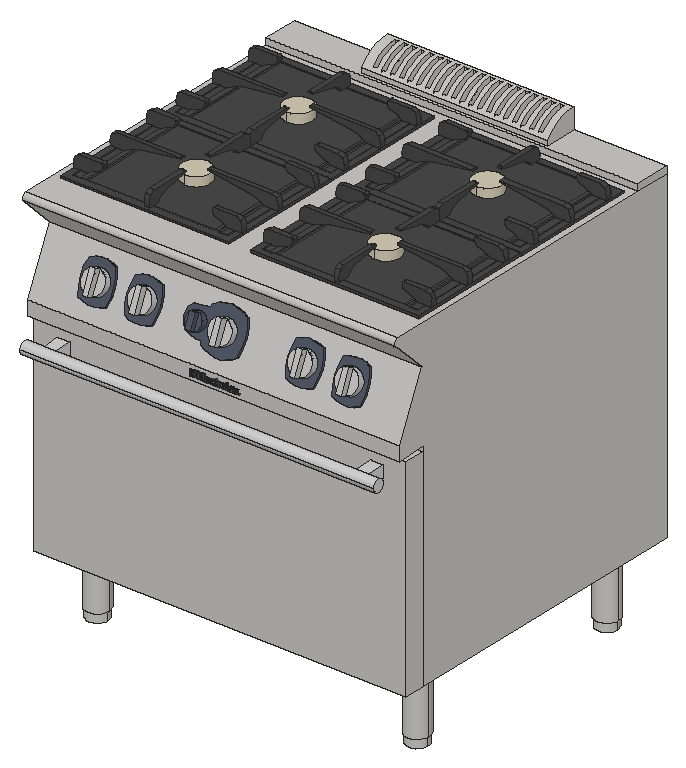
Revit family "QF_ELECTROLUXPROFESSIONAL_371168_E7GCGH4CGA", category Specialty Equipment, Revit 2018 (continued)
Automatic sketch dimensions
  Extrusion 26 sketch curve to Extrusion 26 sketch curve = 1.023 mm
  Extrusion 26 sketch curve to Extrusion 26 sketch curve = 3.804 mm
  Extrusion 26 sketch curve to Extrusion 26 sketch curve = 0.486 mm
  Extrusion 26 sketch curve to Extrusion 26 sketch curve = 0.266 mm
  Extrusion 26 sketch curve to plane 7 "Center Y" = 0.787 mm
  Extrusion 26 sketch curve to Extrusion 26 sketch curve = 1.547 mm
  Extrusion 26 sketch curve to Extrusion 26 sketch curve = 0.717 mm  (x2)
  Extrusion 26 sketch curve to Extrusion 26 sketch curve = 1.667 mm
  plane 7 "Center Y" to Extrusion 26 sketch curve = 44.532 mm
  Extrusion 26 sketch curve to Extrusion 26 sketch curve = 3.174 mm
  plane 7 "Center Y" to Extrusion 26 sketch curve = 0.368 mm
  Extrusion 26 sketch curve to Extrusion 26 sketch curve = 0.388 mm
  Extrusion 26 sketch curve to Extrusion 26 sketch curve = 1.342 mm
  plane 7 "Center Y" to Extrusion 26 sketch curve = 50.135 mm
  Extrusion 26 sketch curve to Extrusion 26 sketch curve = 1.521 mm
  plane 7 "Center Y" to Extrusion 26 sketch curve = 51.694 mm
  Extrusion 26 sketch curve to Extrusion 26 sketch curve = 0.124 mm
  Extrusion 26 sketch curve to Extrusion 26 sketch curve = 0.291 mm
  plane 7 "Center Y" to Extrusion 26 sketch curve = 7.285 mm
  Extrusion 26 sketch curve to Extrusion 26 sketch curve = 1.049 mm  (x2)
  plane 7 "Center Y" to Extrusion 26 sketch curve = 47.668 mm
  Extrusion 26 sketch curve to Extrusion 26 sketch curve = 1.7 mm
  Extrusion 26 sketch curve to Extrusion 26 sketch curve = 0.894 mm
  Extrusion 26 sketch curve to Extrusion 26 sketch curve = 0.989 mm
  Extrusion 26 sketch curve to Extrusion 26 sketch curve = 1.168 mm
  Extrusion 26 sketch curve to Extrusion 26 sketch curve = 1.594 mm
  Extrusion 26 sketch curve to Extrusion 26 sketch curve = 0.731 mm
  Extrusion 26 sketch curve to Extrusion 26 sketch curve = 1.566 mm
  Extrusion 26 sketch curve to Extrusion 26 sketch curve = 0.064 mm
  plane 7 "Center Y" to Extrusion 26 sketch curve = 7.842 mm
  Extrusion 26 sketch curve to Extrusion 26 sketch curve = 0.556 mm
  Extrusion 26 sketch curve to Extrusion 26 sketch curve = 0.48 mm
  Extrusion 26 sketch curve to Extrusion 26 sketch curve = 0.228 mm
  Extrusion 26 sketch curve to Extrusion 26 sketch curve = 1.018 mm
  plane 7 "Center Y" to Extrusion 26 sketch curve = 37.429 mm
  Extrusion 26 sketch curve to Extrusion 26 sketch curve = 0.787 mm
  Extrusion 26 sketch curve to Extrusion 26 sketch curve = 0.618 mm
  plane 7 "Center Y" to Extrusion 26 sketch curve = 42.486 mm
  Extrusion 26 sketch curve to Extrusion 26 sketch curve = 1.672 mm
  plane 7 "Center Y" to Extrusion 26 sketch curve = 53.436 mm
  Extrusion 26 sketch curve to Extrusion 26 sketch curve = 1.361 mm
  Extrusion 26 sketch curve to Extrusion 26 sketch curve = 0.822 mm
  Extrusion 26 sketch curve to Extrusion 26 sketch curve = 0.069 mm
  Extrusion 26 sketch curve to Extrusion 26 sketch curve = 1.88 mm
  plane 7 "Center Y" to Extrusion 26 sketch curve = 35.269 mm
  Extrusion 26 sketch curve to Extrusion 26 sketch curve = 0.42 mm
  Extrusion 26 sketch curve to Extrusion 26 sketch curve = 0.062 mm
  Extrusion 26 sketch curve to Extrusion 26 sketch curve = 1.355 mm
  Extrusion 26 sketch curve to Extrusion 26 sketch curve = 2.34 mm
  Extrusion 26 sketch curve to Extrusion 26 sketch curve = 0.493 mm
  Extrusion 26 sketch curve to Extrusion 26 sketch curve = 0.136 mm
  Extrusion 26 sketch curve to Extrusion 26 sketch curve = 0.128 mm
  Extrusion 26 sketch curve to Extrusion 26 sketch curve = 3.616 mm
  Extrusion 26 sketch curve to Extrusion 26 sketch curve = 4.207 mm
  Extrusion 26 sketch curve to Extrusion 26 sketch curve = 0.183 mm
  Extrusion 26 sketch curve to Extrusion 26 sketch curve = 0.895 mm
  Extrusion 26 sketch curve to Extrusion 26 sketch curve = 1.314 mm
  Extrusion 26 sketch curve to Extrusion 26 sketch curve = 3.231 mm
  Extrusion 26 sketch curve to plane 7 "Center Y" = 23.526 mm
  Extrusion 26 sketch curve to Extrusion 26 sketch curve = 1.299 mm
  Extrusion 26 sketch curve to Extrusion 26 sketch curve = 1.214 mm
  plane 7 "Center Y" to Extrusion 26 sketch curve = 26.369 mm
  Extrusion 26 sketch curve to Extrusion 26 sketch curve = 1.264 mm
  Extrusion 26 sketch curve to Extrusion 26 sketch curve = 0.109 mm
  Extrusion 26 sketch curve to Extrusion 26 sketch curve = 0.357 mm
  Extrusion 26 sketch curve to Extrusion 26 sketch curve = 0.565 mm
  Extrusion 26 sketch curve to Extrusion 26 sketch curve = 2.504 mm
  Extrusion 26 sketch curve to Extrusion 26 sketch curve = 2.459 mm
  Extrusion 26 sketch curve to Extrusion 26 sketch curve = 0.983 mm
  Extrusion 26 sketch curve to Extrusion 26 sketch curve = 0.422 mm  (x2)
  Extrusion 26 sketch curve to Extrusion 26 sketch curve = 1.268 mm
  Extrusion 26 sketch curve to Extrusion 26 sketch curve = 0.671 mm
  Extrusion 26 sketch curve to Extrusion 26 sketch curve = 1.634 mm
  Extrusion 26 sketch curve to Extrusion 26 sketch curve = 0.132 mm
  Extrusion 26 sketch curve to Extrusion 26 sketch curve = 0.586 mm
  Extrusion 26 sketch curve to Extrusion 26 sketch curve = 1.241 mm
  Extrusion 26 sketch curve to Extrusion 26 sketch curve = 1.689 mm
  Extrusion 26 sketch curve to Extrusion 26 sketch curve = 0.627 mm
  Extrusion 26 sketch curve to Extrusion 26 sketch curve = 0.419 mm
  Extrusion 26 sketch curve to Extrusion 26 sketch curve = 1.514 mm
  Extrusion 26 sketch curve to Extrusion 26 sketch curve = 1.019 mm
  Extrusion 26 sketch curve to Extrusion 26 sketch curve = 0.065 mm
  Extrusion 26 sketch curve to Extrusion 26 sketch curve = 1.215 mm
  Extrusion 26 sketch curve to Extrusion 26 sketch curve = 1.122 mm
  Extrusion 26 sketch curve to Extrusion 26 sketch curve = 1.153 mm
  Extrusion 26 sketch curve to Extrusion 26 sketch curve = 1.223 mm
  Extrusion 26 sketch curve to Extrusion 26 sketch curve = 0.934 mm
  Extrusion 26 sketch curve to Extrusion 26 sketch curve = 3.376 mm
  Extrusion 26 sketch curve to Extrusion 26 sketch curve = 0.222 mm
  Extrusion 26 sketch curve to Extrusion 26 sketch curve = 1.383 mm
  Extrusion 26 sketch curve to Extrusion 26 sketch curve = 1.556 mm
  Extrusion 26 sketch curve to Extrusion 26 sketch curve = 2.559 mm
  Extrusion 26 sketch curve to Extrusion 26 sketch curve = 2.51 mm
  Extrusion 26 sketch curve to Extrusion 26 sketch curve = 0.131 mm
  Extrusion 26 sketch curve to Extrusion 26 sketch curve = 1.134 mm
  Extrusion 26 sketch curve to Extrusion 26 sketch curve = 0.094 mm
  Extrusion 26 sketch curve to Extrusion 26 sketch curve = 1.584 mm
  Extrusion 26 sketch curve to Extrusion 26 sketch curve = 0.27 mm
  Extrusion 26 sketch curve to Extrusion 26 sketch curve = 0.916 mm
  Extrusion 26 sketch curve to Extrusion 26 sketch curve = 0.352 mm
  Extrusion 26 sketch curve to Extrusion 26 sketch curve = 0.458 mm
  Extrusion 26 sketch curve to Extrusion 26 sketch curve = 1.282 mm
  Extrusion 26 sketch curve to Extrusion 26 sketch curve = 1.363 mm
  Extrusion 26 sketch curve to Extrusion 26 sketch curve = 0.685 mm
  Extrusion 26 sketch curve to Extrusion 26 sketch curve = 0.905 mm
  Extrusion 26 sketch curve to Extrusion 26 sketch curve = 1.477 mm
  Extrusion 26 sketch curve to Extrusion 26 sketch curve = 0.472 mm
  Extrusion 26 sketch curve to Extrusion 26 sketch curve = 0.101 mm
  Extrusion 26 sketch curve to Extrusion 26 sketch curve = 0.54 mm
  Extrusion 26 sketch curve to Extrusion 26 sketch curve = 0.02 mm
  Extrusion 26 sketch curve to Extrusion 26 sketch curve = 0.829 mm
  Extrusion 26 sketch curve to Extrusion 26 sketch curve = 0.582 mm
  Extrusion 26 sketch curve to Extrusion 26 sketch curve = 0.166 mm
  Extrusion 26 sketch curve to Extrusion 26 sketch curve = 0.16 mm
  Extrusion 26 sketch curve to Extrusion 26 sketch curve = 1.118 mm
  Extrusion 26 sketch curve to Extrusion 26 sketch curve = 0.613 mm
  Extrusion 26 sketch curve to Extrusion 26 sketch curve = 0.781 mm
  Extrusion 26 sketch curve to Extrusion 26 sketch curve = 0.361 mm
  Extrusion 26 sketch curve to Extrusion 26 sketch curve = 0.897 mm
  Extrusion 26 sketch curve to Extrusion 26 sketch curve = 0.167 mm
  Extrusion 26 sketch curve to Extrusion 26 sketch curve = 0.292 mm
  Extrusion 26 sketch curve to Extrusion 26 sketch curve = 0.305 mm
  Extrusion 26 sketch curve to Extrusion 26 sketch curve = 1.557 mm
  Extrusion 26 sketch curve to Extrusion 26 sketch curve = 2.499 mm
  Extrusion 26 sketch curve to Extrusion 26 sketch curve = 3.062 mm
  Extrusion 26 sketch curve to Extrusion 26 sketch curve = 2.968 mm
  Extrusion 26 sketch curve to Extrusion 26 sketch curve = 5.044 mm
  Extrusion 26 sketch curve to Extrusion 26 sketch curve = 0.629 mm  (x2)
  Extrusion 26 sketch curve to Extrusion 26 sketch curve = 1.131 mm
  Extrusion 26 sketch curve to Extrusion 26 sketch curve = 0.137 mm
  Extrusion 26 sketch curve to Extrusion 26 sketch curve = 0.027 mm
  Extrusion 26 sketch curve to Extrusion 26 sketch curve = 2.046 mm
  Extrusion 26 sketch curve to Extrusion 26 sketch curve = 2.235 mm
  radius of Extrusion 9 sketch curve = 12.7 mm
  radius of Extrusion 12 sketch curve = 25.4 mm  (x5)
  radius of Extrusion 15 sketch curve = 18.37 mm
  radius of Extrusion 17 sketch curve = 6.35 mm
Nested families
  nested 1: "371009_BURNER" at (8.5, -5, 0), type "371009_BURNER"
    with Type Mark "", Status "", Specification by User "", Revision Code "", Item Number "", Installed By "", Identify Quantity as Lot yes, Furnished By "", Foodservice Equipment Identifier yes
  nested 2: "371009_BURNER" at (8.5, -739.127, 0), type "371009_BURNER"
    with Type Mark "", Status "", Specification by User "", Revision Code "", Item Number "", Installed By "", Identify Quantity as Lot yes, Furnished By "", Foodservice Equipment Identifier yes
  nested 3: "371009_BURNER" at (416.5, -5, 0), type "371009_BURNER"
    with Type Mark "", Status "", Specification by User "", Revision Code "", Item Number "", Installed By "", Identify Quantity as Lot yes, Furnished By "", Foodservice Equipment Identifier yes
  nested 4: "371009_BURNER" at (416.5, -739.127, 0), type "371009_BURNER"
    with Type Mark "", Status "", Specification by User "", Revision Code "", Item Number "", Installed By "", Identify Quantity as Lot yes, Furnished By "", Foodservice Equipment Identifier yes
Connectors
  piping at (747.613, -464, 141.185), diameter 12.8
    settings: on Extrusion 17, index 1, connector inside diameter 0.50394", connector length 0 mm, flow factor 0, pipe flow 0 GPM, pressure drop 0.00 psi, fitting loss kfactor 0, connector angle 0.00°, fixture units 0, engagement length 0 mm, angle of deflection 0.00°, flow configuration 1, flow direction 1, fitting loss method 0, system type 7, joint type 0, gender type 0, connector reference index -1, connector utility 0, adjustable connector no, is connector primary yes, connector description "Gas Inlet"
Definition of nested family "371009_BURNER"
  Parameters
    Weight in Pounds = 0
    URL Cutsheet = ""
    URL = "www.electrolux.com"
    Type Mark [instance] = ""
    Status [instance] = ""
    Specification by User [instance] = ""
    Specification by Manufacturer = ""
    Serial Number = ""
    Seismic Rating = ""
    SMACNA No = ""
    Revision Code [instance] = ""
    Omniclass Number and Title = ""
    NAFEM Spec ID Number = ""
    Model = "371009"
    Masterspec = ""
    Manufacturer = "ELECTROLUX"
    Item Number [instance] = ""
    Installed By [instance] = ""
    Identify Quantity as Lot [instance] = yes
    Furnished By [instance] = ""
    Foodservice Equipment Identifier [instance] = yes
    Description = ""
    CSI MasterFormat = ""
    CSI Master Format = ""
  Reference planes
    plane 1 "BACK": y = 0
    plane 2: z = 0
    plane 3 "LEFT": x = 0
    plane 4 "RIGHT": x = 800
    plane 5 "FRONT": y = -700
    plane 6 "TOP": z = 908.85
    plane 7 "Center Y": x = 400
    plane 8 "Center X": y = -350
    plane 9 "Base": z = 150
    plane 10: z = 850.85
  Forms (mm)
    Extrusion 1, solid
      sketch origin (0, -734.127, 5) x (1, 0, 0) y (0, 0, -1)
        loop
          arc (7.142, -850.85) -> (6.739, -862.989) -> (9.761, -874.752) r 42.809
          line (9.761, -874.752) -> (19.961, -879.425) -> (157.339, -879.425)
          arc (157.339, -879.425) -> (158.533, -878.312) -> (157.506, -877.043) r 1.197
          line (157.506, -877.043) -> (64.848, -864.021)
          arc (64.848, -864.021) -> (50.111, -858.738) -> (36.589, -850.85) r 85.245
          line (36.589, -850.85) -> (7.142, -850.85)
        loop
          line (367.858, -850.85) -> (338.411, -850.85)
          arc (338.411, -850.85) -> (324.889, -858.738) -> (310.152, -864.021) r 85.245
          line (310.152, -864.021) -> (217.494, -877.043)
          arc (217.494, -877.043) -> (216.467, -878.312) -> (217.661, -879.425) r 1.197
          line (217.661, -879.425) -> (355.039, -879.425) -> (365.239, -874.752)
          arc (365.239, -874.752) -> (368.261, -862.989) -> (367.858, -850.85) r 42.809
      from 224.564 to 234.564
    Extrusion 2, solid
      sketch origin (0, -734.127, 5) x (1, 0, 0) y (0, 0, -1)
        loop
          arc (7.056, -850.85) -> (6.705, -862.948) -> (9.748, -874.663) r 42.876
          line (9.748, -874.663) -> (19.961, -879.425) -> (65.851, -879.425)
          arc (65.851, -879.425) -> (68.577, -878.352) -> (69.841, -875.709) r 4
          arc (69.841, -875.709) -> (68.75, -869.25) -> (64.816, -864.012) r 13.87
          arc (64.816, -864.012) -> (50.096, -858.731) -> (36.589, -850.85) r 85.245
          line (36.589, -850.85) -> (7.056, -850.85)
        loop
          line (367.944, -850.85) -> (338.411, -850.85)
          arc (338.411, -850.85) -> (324.904, -858.731) -> (310.184, -864.012) r 85.245
          arc (310.184, -864.012) -> (306.25, -869.25) -> (305.159, -875.709) r 13.87
          arc (305.159, -875.709) -> (306.423, -878.352) -> (309.149, -879.425) r 4
          line (309.149, -879.425) -> (355.039, -879.425) -> (365.252, -874.663)
          arc (365.252, -874.663) -> (368.295, -862.948) -> (367.944, -850.85) r 42.876
      from 127.064 to 137.064
    Extrusion 3, solid
      sketch origin (0, -275, 5) x (1, 0, 0) y (0, 0, 1)
        loop
          arc (64.816, 864.012) -> (68.75, 869.25) -> (69.841, 875.709) r 13.87
          arc (69.841, 875.709) -> (68.577, 878.352) -> (65.851, 879.425) r 4
          line (65.851, 879.425) -> (19.961, 879.425) -> (9.748, 874.663)
          arc (9.748, 874.663) -> (6.705, 862.948) -> (7.056, 850.85) r 42.876
          line (7.056, 850.85) -> (36.589, 850.85)
          arc (36.589, 850.85) -> (50.096, 858.731) -> (64.816, 864.012) r 85.245
        loop
          arc (310.184, 864.012) -> (324.904, 858.731) -> (338.411, 850.85) r 85.245
          line (338.411, 850.85) -> (367.944, 850.85)
          arc (367.944, 850.85) -> (368.295, 862.948) -> (365.252, 874.663) r 42.876
          line (365.252, 874.663) -> (355.039, 879.425) -> (309.149, 879.425)
          arc (309.149, 879.425) -> (306.423, 878.352) -> (305.159, 875.709) r 4
          arc (305.159, 875.709) -> (306.25, 869.25) -> (310.184, 864.012) r 13.87
      from 127.064 to 137.064
    Extrusion 4, solid
      sketch origin (454.964, -29.48, 5) x (0, -1, 0) y (0, 0, 1)
        loop
          arc (366.649, 850.85) -> (375.927, 861.743) -> (389.337, 866.736) r 28.426
          line (389.337, 866.736) -> (441.256, 877.043)
          arc (441.256, 877.043) -> (442.283, 878.312) -> (441.089, 879.425) r 1.197
          line (441.089, 879.425) -> (347.797, 879.425)
          arc (347.797, 879.425) -> (343.211, 875.934) -> (337.583, 874.694) r 13.39
          line (337.583, 874.694) -> (337.583, 850.85) -> (366.649, 850.85)
        loop
          arc (606.236, 850.85) -> (606.587, 862.948) -> (603.543, 874.663) r 42.876
          line (603.543, 874.663) -> (593.33, 879.425) -> (509.077, 879.425)
          arc (509.077, 879.425) -> (507.883, 878.312) -> (508.911, 877.043) r 1.197
          line (508.911, 877.043) -> (560.83, 866.736)
          arc (560.83, 866.736) -> (574.239, 861.743) -> (583.518, 850.85) r 28.426
          line (583.518, 850.85) -> (606.236, 850.85)
      from 262.464 to 272.464
    Extrusion 5, solid
      sketch origin (0, 0, 850.85) x (0, -1, 0) y (1, 0, 0)
        loop
          line (642.216, 6.433) -> (642.216, 368.567) -> (367.857, 368.567) -> (367.857, 6.433) -> (642.216, 6.433)
        loop
          line (382.857, 21.433) -> (627.216, 21.433) -> (627.216, 353.567) -> (382.857, 353.567) -> (382.857, 21.433)
      from 0 to 5
    Extrusion 6, solid
      sketch origin (-12.5, 0, 855.85) x (0, -1, 0) y (1, 0, 0)
        loop
          circle (504.356, 200) r 30
      from -1.321 to 17.134
    Extrusion 7, solid
      sketch origin (0, -734.127, 0) x (1, 0, 0) y (0, 0, -1)
        loop
          line (21.433, -855.85) -> (36.589, -855.85)
          arc (36.589, -855.85) -> (40.561, -855.243) -> (44.305, -853.783) r 18.259
          arc (44.305, -853.783) -> (45.997, -853.366) -> (47.69, -853.783) r 3.649
          arc (47.69, -853.783) -> (49.901, -854.522) -> (52.232, -854.529) r 7.328
          line (52.232, -854.529) -> (322.768, -854.529)
          arc (322.768, -854.529) -> (325.099, -854.522) -> (327.31, -853.783) r 7.328
          arc (327.31, -853.783) -> (329.003, -853.366) -> (330.695, -853.783) r 3.649
          arc (330.695, -853.783) -> (334.439, -855.243) -> (338.411, -855.85) r 18.259
          line (338.411, -855.85) -> (353.567, -855.85) -> (353.567, -850.85) -> (21.433, -850.85) -> (21.433, -855.85)
      from 106.911 to 351.27
  Lines and regions (mm)
    symbolic lines
      curve 1: line (6.433, -642.216, 150) -> (368.567, -642.216, 150)
      curve 2: line (6.433, -367.857, 150) -> (6.433, -642.216, 150)
      curve 3: line (368.567, -367.857, 150) -> (192.5, -367.857, 150)
      curve 4: line (368.567, -642.216, 150) -> (368.567, -367.857, 150)
      curve 5: line (353.567, -382.857, 150) -> (192.5, -382.857, 150)
      curve 6: line (353.567, -627.216, 150) -> (353.567, -607.064, 150)
      curve 7: line (21.433, -627.216, 150) -> (182.5, -627.216, 150)
      curve 8: line (21.433, -382.857, 150) -> (21.433, -402.064, 150)
      curve 9: line (52.232, -627.216, 150) -> (52.232, -607.064, 150)
      curve 10: line (322.567, -382.857, 150) -> (322.567, -402.064, 150)
      curve 11: line (148.125, -499.564, 150) -> (148.125, -382.857, 150)
      curve 12: line (154.375, -382.857, 150) -> (154.375, -499.564, 150)
      curve 13: arc (148.297, -509.564, 150) -> (159.191, -533.254, 150) -> (182.5, -544.942, 150) r 39.375
      curve 14: arc (220.42, -509.564, 150) -> (211.39, -528.832, 150) -> (192.5, -538.631, 150) r 33.125
      curve 15: line (220.625, -382.857, 150) -> (220.625, -499.564, 150)
      curve 16: line (226.875, -499.564, 150) -> (226.875, -382.857, 150)
      curve 17: line (192.5, -636.339, 150) -> (192.5, -535.619, 150)
      curve 18: arc (182.657, -474.75, 150) -> (166.195, -483.236, 150) -> (157.853, -499.771, 150) r 30
      curve 19: arc (192.224, -533.982, 150) -> (208.621, -525.661, 150) -> (217.084, -509.337, 150) r 30
      curve 20: line (368.567, -597.064, 150) -> (305.159, -597.064, 150)
      curve 21: line (6.433, -607.064, 150) -> (69.841, -607.064, 150)
      curve 22: line (6.433, -509.564, 150) -> (156.429, -509.564, 150)
      curve 23: line (368.567, -499.564, 150) -> (218.571, -499.564, 150)
      curve 24: line (6.433, -412.064, 150) -> (69.841, -412.064, 150)
      curve 25: line (368.567, -402.064, 150) -> (305.159, -402.064, 150)
      curve 26: line (69.841, -597.064, 150) -> (6.433, -597.064, 150)
      curve 27: line (305.159, -607.064, 150) -> (368.567, -607.064, 150)
      curve 28: line (69.841, -402.064, 150) -> (6.433, -402.064, 150)
      curve 29: line (305.159, -412.064, 150) -> (368.567, -412.064, 150)
      curve 30: arc (69.841, -597.064, 150) -> (74.841, -602.064, 150) -> (69.841, -607.064, 150) r 5
      curve 31: arc (305.159, -607.064, 150) -> (300.159, -602.064, 150) -> (305.159, -597.064, 150) r 5
      curve 32: arc (69.841, -402.064, 150) -> (74.841, -407.064, 150) -> (69.841, -412.064, 150) r 5
      curve 33: arc (305.159, -412.064, 150) -> (300.159, -407.064, 150) -> (305.159, -402.064, 150) r 5
      curve 34: line (21.433, -412.064, 150) -> (21.433, -499.564, 150)
      curve 35: line (52.232, -402.064, 150) -> (52.232, -382.857, 150)
      curve 36: line (21.433, -509.564, 150) -> (21.433, -597.064, 150)
      curve 37: line (52.232, -499.564, 150) -> (52.232, -412.064, 150)
      curve 38: line (52.232, -597.064, 150) -> (52.232, -509.564, 150)
      curve 39: line (21.433, -607.064, 150) -> (21.433, -627.216, 150)
      curve 40: line (322.567, -607.064, 150) -> (322.567, -627.216, 150)
      curve 41: line (353.567, -597.064, 150) -> (353.567, -509.564, 150)
      curve 42: line (322.567, -509.564, 150) -> (322.567, -597.064, 150)
      curve 43: line (353.567, -499.564, 150) -> (353.567, -412.064, 150)
      curve 44: line (353.567, -402.064, 150) -> (353.567, -382.857, 150)
      curve 45: line (322.567, -412.064, 150) -> (322.567, -499.564, 150)
      curve 46: line (156.429, -499.564, 150) -> (6.433, -499.564, 150)
      curve 47: line (218.571, -509.564, 150) -> (368.567, -509.564, 150)
      curve 48: arc (218.571, -499.564, 150) -> (213.571, -504.564, 150) -> (218.571, -509.564, 150) r 5
      curve 49: arc (156.429, -499.564, 150) -> (161.429, -504.564, 150) -> (156.429, -509.564, 150) r 5
      curve 50: arc (157.916, -509.337, 150) -> (166.379, -525.661, 150) -> (182.776, -533.982, 150) r 30
      curve 51: arc (217.147, -499.771, 150) -> (208.805, -483.236, 150) -> (192.343, -474.75, 150) r 30
      curve 52: line (182.5, -535.619, 150) -> (182.5, -636.339, 150)
      curve 53: line (192.5, -473.508, 150) -> (192.5, -367.064, 150)
      curve 54: arc (192.5, -535.619, 150) -> (187.5, -530.619, 150) -> (182.5, -535.619, 150) r 5
      curve 55: arc (192.5, -473.508, 150) -> (187.5, -478.508, 150) -> (182.5, -473.508, 150) r 5
      curve 56: line (182.5, -367.857, 150) -> (6.433, -367.857, 150)
      curve 57: line (182.5, -382.857, 150) -> (21.433, -382.857, 150)
      curve 58: arc (192.5, -404.571, 150) -> (196.398, -417.071, 150) -> (192.5, -429.571, 150) r 21.993
      curve 59: arc (196.181, -420.148, 150) -> (199.482, -417.071, 150) -> (196.181, -413.995, 150) r 3.084
      curve 60: arc (182.5, -404.571, 150) -> (178.602, -417.071, 150) -> (182.5, -429.571, 150) r 21.993
      curve 61: arc (178.819, -420.148, 150) -> (175.518, -417.071, 150) -> (178.819, -413.995, 150) r 3.084
      curve 62: line (182.5, -367.064, 150) -> (182.5, -473.508, 150)
      curve 63: arc (182.5, -538.631, 150) -> (163.61, -528.832, 150) -> (154.58, -509.564, 150) r 33.125
      curve 64: arc (192.5, -544.942, 150) -> (215.809, -533.254, 150) -> (226.703, -509.564, 150) r 39.375
      curve 65: line (182.5, -636.339, 150) -> (192.5, -636.339, 150)
      curve 66: line (182.5, -377.277, 150) -> (192.5, -377.277, 150)
      curve 67: line (182.5, -367.064, 150) -> (192.5, -367.064, 150)
      curve 68: line (192.5, -627.216, 150) -> (353.567, -627.216, 150)
  Dimensions and locks
    equal spacing: plane 3 "LEFT", plane 7 "Center Y", plane 4 "RIGHT"
    plane 3 "LEFT" to plane 4 "RIGHT" = 800 mm
    equal spacing: plane 5 "FRONT", plane 8 "Center X", plane 1 "BACK"
    plane 5 "FRONT" to plane 1 "BACK" = 700 mm
    plane 6 "TOP" to level = 908.85 mm
    plane 9 "Base" to level = 150 mm
    plane 6 "TOP" to plane 10 = 58 mm  (x2)
    aligned and locked: level to plane 2
  Automatic sketch dimensions
    Extrusion 5 sketch curve to Extrusion 5 sketch curve = 15 mm  (x2)
    Extrusion 5 sketch curve to Extrusion 5 sketch curve = 332.134 mm
    plane 3 "LEFT" to Extrusion 2 sketch curve = 7.056 mm
    plane 3 "LEFT" to Extrusion 2 sketch curve = 9.748 mm
    Extrusion 2 sketch curve to Extrusion 2 sketch curve = 10.213 mm  (x2)
    plane 10 to Extrusion 2 sketch curve = 5 mm  (x2)
    Extrusion 2 sketch curve to Extrusion 2 sketch curve = 29.533 mm
    Extrusion 2 sketch curve to Extrusion 2 sketch curve = 12.72 mm  (x2)
    Extrusion 2 sketch curve to Extrusion 2 sketch curve = 6.697 mm
    Extrusion 2 sketch curve to Extrusion 2 sketch curve = 8.81 mm
    Extrusion 2 sketch curve to Extrusion 2 sketch curve = 9.845 mm  (x2)
    Extrusion 2 sketch curve to Extrusion 2 sketch curve = 3.99 mm  (x2)
    Extrusion 2 sketch curve to Extrusion 2 sketch curve = 0 mm  (x2)
    Extrusion 2 sketch curve to Extrusion 2 sketch curve = 36.813 mm
    Extrusion 2 sketch curve to plane 7 "Center Y" = 111.122 mm
    Extrusion 2 sketch curve to plane 6 "TOP" = 28.141 mm
    Extrusion 2 sketch curve to plane 7 "Center Y" = 94.841 mm
    Extrusion 2 sketch curve to Extrusion 2 sketch curve = 1.035 mm
    Extrusion 2 sketch curve to Extrusion 2 sketch curve = 15.507 mm
    Extrusion 2 sketch curve to Extrusion 2 sketch curve = 16.628 mm
    Extrusion 2 sketch curve to Extrusion 2 sketch curve = 2.692 mm
    Extrusion 2 sketch curve to plane 6 "TOP" = 24.425 mm
    Extrusion 2 sketch curve to Extrusion 2 sketch curve = 28.575 mm
    Extrusion 2 sketch curve to Extrusion 2 sketch curve = 3.716 mm
    Extrusion 2 sketch curve to Extrusion 2 sketch curve = 4.763 mm  (x2)
    plane 3 "LEFT" to Extrusion 1 sketch curve = 7.142 mm
    plane 3 "LEFT" to Extrusion 1 sketch curve = 9.761 mm
    Extrusion 1 sketch curve to Extrusion 1 sketch curve = 10.201 mm  (x2)
    plane 10 to Extrusion 1 sketch curve = 5 mm  (x2)
    Extrusion 1 sketch curve to Extrusion 1 sketch curve = 29.447 mm
    Extrusion 1 sketch curve to Extrusion 1 sketch curve = 12.704 mm  (x2)
    Extrusion 1 sketch curve to Extrusion 1 sketch curve = 15.555 mm  (x2)
    Extrusion 1 sketch curve to Extrusion 1 sketch curve = 36.829 mm
    Extrusion 1 sketch curve to plane 6 "TOP" = 24.425 mm  (x2)
    Extrusion 1 sketch curve to Extrusion 1 sketch curve = 92.491 mm
    Extrusion 1 sketch curve to plane 6 "TOP" = 26.807 mm  (x2)
    Extrusion 1 sketch curve to Extrusion 1 sketch curve = 0.167 mm  (x2)
    Extrusion 1 sketch curve to Extrusion 1 sketch curve = 59.988 mm
    Extrusion 1 sketch curve to plane 7 "Center Y" = 111.122 mm
    plane 10 to Extrusion 1 sketch curve = 18.171 mm
    Extrusion 1 sketch curve to Extrusion 1 sketch curve = 21.274 mm
    Extrusion 1 sketch curve to Extrusion 1 sketch curve = 16.628 mm
    Extrusion 1 sketch curve to Extrusion 1 sketch curve = 2.618 mm
    Extrusion 1 sketch curve to Extrusion 1 sketch curve = 4.673 mm  (x2)
    Extrusion 1 sketch curve to Extrusion 1 sketch curve = 5.694 mm
    plane 3 "LEFT" to Extrusion 3 sketch curve = 7.056 mm
    plane 3 "LEFT" to Extrusion 3 sketch curve = 9.748 mm
    Extrusion 3 sketch curve to Extrusion 3 sketch curve = 10.213 mm  (x2)
    plane 10 to Extrusion 3 sketch curve = 5 mm  (x2)
    Extrusion 3 sketch curve to Extrusion 3 sketch curve = 29.533 mm
    Extrusion 3 sketch curve to Extrusion 3 sketch curve = 12.72 mm  (x2)
    Extrusion 3 sketch curve to Extrusion 3 sketch curve = 6.697 mm
    Extrusion 3 sketch curve to Extrusion 3 sketch curve = 8.81 mm
    Extrusion 3 sketch curve to Extrusion 3 sketch curve = 9.845 mm  (x2)
    Extrusion 3 sketch curve to Extrusion 3 sketch curve = 3.99 mm  (x2)
    Extrusion 3 sketch curve to Extrusion 3 sketch curve = 0 mm  (x2)
    Extrusion 3 sketch curve to Extrusion 3 sketch curve = 36.813 mm
    Extrusion 3 sketch curve to plane 7 "Center Y" = 111.122 mm
    Extrusion 3 sketch curve to plane 6 "TOP" = 28.141 mm
    Extrusion 3 sketch curve to plane 7 "Center Y" = 94.841 mm
    Extrusion 3 sketch curve to Extrusion 3 sketch curve = 1.035 mm
    Extrusion 3 sketch curve to Extrusion 3 sketch curve = 15.507 mm
    Extrusion 3 sketch curve to Extrusion 3 sketch curve = 16.628 mm
    Extrusion 3 sketch curve to Extrusion 3 sketch curve = 2.692 mm
    Extrusion 3 sketch curve to plane 10 = 64.377 mm  (x2)
    plane 10 to Extrusion 3 sketch curve = 12.281 mm  (x2)
    Extrusion 3 sketch curve to Extrusion 3 sketch curve = 10.713 mm
    Extrusion 5 to Extrusion 6 sketch curve = 121.499 mm
    Extrusion 5 to Extrusion 6 sketch curve = 166.067 mm
    plane 3 "LEFT" to Extrusion 5 sketch curve = 21.433 mm
    Extrusion 5 sketch curve to plane 5 "FRONT" = 72.784 mm
    plane 3 "LEFT" to Extrusion 7 sketch curve = 21.433 mm
    Extrusion 7 sketch curve to Extrusion 7 sketch curve = 14.402 mm
    plane 10 to Extrusion 7 sketch curve = 5 mm
    plane 10 to Extrusion 7 sketch curve = 2.933 mm  (x4)
    Extrusion 7 sketch curve to Extrusion 7 sketch curve = 7.716 mm  (x2)
    Extrusion 7 sketch curve to Extrusion 7 sketch curve = 0 mm  (x2)
    Extrusion 7 sketch curve to Extrusion 7 sketch curve = 1.692 mm  (x2)
    Extrusion 7 sketch curve to Extrusion 7 sketch curve = 3.385 mm  (x2)
    Extrusion 7 sketch curve to plane 10 = 3.559 mm  (x2)
    Extrusion 7 sketch curve to Extrusion 7 sketch curve = 302.478 mm
    Extrusion 7 sketch curve to Extrusion 7 sketch curve = 15.253 mm
    Extrusion 7 sketch curve to Extrusion 7 sketch curve = 15.156 mm  (x2)
    Extrusion 7 sketch curve to Extrusion 7 sketch curve = 3.233 mm
    Extrusion 7 sketch curve to plane 10 = 0 mm
    Extrusion 7 sketch curve to plane 7 "Center Y" = 77.232 mm
    Extrusion 5 sketch curve to plane 8 "Center X" = 32.857 mm
    plane 3 "LEFT" to Extrusion 5 sketch curve = 6.433 mm
    plane 1 "BACK" to Extrusion 5 sketch curve = 367.857 mm
    plane 10 to Extrusion 4 sketch curve = 5 mm  (x2)
    Extrusion 4 sketch curve to Extrusion 4 sketch curve = 29.066 mm
    Extrusion 4 sketch curve to Extrusion 4 sketch curve = 22.688 mm
    Extrusion 4 sketch curve to plane 10 = 7.392 mm  (x2)
    Extrusion 4 sketch curve to Extrusion 4 sketch curve = 25.583 mm
    Extrusion 4 sketch curve to plane 6 "TOP" = 24.425 mm  (x2)
    Extrusion 4 sketch curve to Extrusion 4 sketch curve = 51.752 mm
    Extrusion 4 sketch curve to Extrusion 4 sketch curve = 0.167 mm  (x2)
    Extrusion 4 sketch curve to plane 6 "TOP" = 26.807 mm
    Extrusion 4 sketch curve to Extrusion 4 sketch curve = 67.655 mm
    Extrusion 4 sketch curve to Extrusion 4 sketch curve = 49.024 mm
    Extrusion 4 sketch curve to Extrusion 4 sketch curve = 2.895 mm
    Extrusion 4 sketch curve to Extrusion 4 sketch curve = 3.153 mm
    Extrusion 4 sketch curve to Extrusion 4 sketch curve = 19.535 mm
    Extrusion 4 sketch curve to Extrusion 4 sketch curve = 9.813 mm
    Extrusion 4 sketch curve to Extrusion 4 sketch curve = 10.213 mm
    Extrusion 4 sketch curve to Extrusion 4 sketch curve = 22.718 mm
    Extrusion 4 sketch curve to Extrusion 4 sketch curve = 8.605 mm
    Extrusion 4 sketch curve to Extrusion 4 sketch curve = 4.731 mm
    Extrusion 4 sketch curve to Extrusion 4 sketch curve = 2.382 mm
    Extrusion 4 sketch curve to Extrusion 4 sketch curve = 8.658 mm
    Extrusion 4 sketch curve to plane 8 "Center X" = 17.064 mm
    curve 13 to curve 14 = 0 mm  (x2)
    curve 13 to curve 63 = 0 mm  (x2)
    curve 13 to curve 64 = 0 mm  (x2)
    curve 18 to curve 19 = 0 mm  (x2)
    curve 18 to curve 50 = 0 mm  (x2)
    curve 18 to curve 51 = 0 mm  (x2)
    curve 25 to plane 7 "Center Y" = 31.433 mm
    curve 3 to curve 44 = 15 mm
    curve 43 to curve 44 = 0 mm
    curve 1 to curve 68 = 15 mm
    curve 41 to curve 43 = 0 mm
    curve 6 to curve 40 = 31 mm
    curve 41 to curve 42 = 31 mm
    curve 43 to curve 45 = 31 mm
    curve 10 to curve 45 = 0 mm
    curve 40 to curve 27 = 17.408 mm
    curve 45 to curve 29 = 17.408 mm
    curve 16 to curve 64 = 0.172 mm
    curve 16 to curve 15 = 6.25 mm
    curve 64 to curve 14 = 6.283 mm
    curve 15 to curve 23 = 2.054 mm
    curve 23 to curve 51 = 1.424 mm
    curve 47 to curve 19 = 1.487 mm
    curve 15 to curve 60 = 20.029 mm
    curve 60 to curve 59 = 4.198 mm
    curve 59 to curve 59 = 0.216 mm  (x2)
    curve 19 to curve 64 = 24.584 mm
    curve 55 to curve 51 = 0.157 mm
    curve 54 to curve 19 = 0.276 mm
    curve 19 to curve 64 = 4.724 mm
    curve 18 to curve 13 = 0 mm
    curve 54 to curve 54 = 5 mm
    curve 50 to curve 54 = 0.276 mm
    curve 18 to curve 55 = 0.157 mm
    curve 60 to curve 61 = 3.681 mm
    curve 61 to curve 61 = 0 mm
    curve 61 to curve 61 = 0.216 mm
    curve 61 to curve 58 = 4.198 mm
    curve 13 to curve 50 = 29.584 mm
    curve 50 to curve 18 = 0.064 mm
    curve 50 to curve 22 = 1.487 mm
    curve 22 to curve 63 = 1.849 mm
    curve 49 to curve 12 = 2.054 mm
    curve 63 to curve 13 = 6.283 mm
    curve 12 to curve 11 = 6.25 mm
    plane 3 "LEFT" to curve 30 = 69.841 mm
    plane 3 "LEFT" to curve 28 = 69.841 mm
    plane 3 "LEFT" to curve 38 = 52.232 mm
    curve 24 to curve 37 = 17.609 mm
    curve 9 to curve 38 = 0 mm
    curve 28 to curve 35 = 17.609 mm
    plane 3 "LEFT" to curve 39 = 21.433 mm
    plane 3 "LEFT" to curve 8 = 21.433 mm
    curve 34 to curve 8 = 0 mm
    curve 36 to curve 34 = 0 mm
    plane 3 "LEFT" to curve 21 = 6.433 mm
    curve 67 to curve 56 = 0.794 mm
    curve 67 to curve 3 = 0.794 mm
    curve 56 to curve 66 = 9.419 mm
    curve 10 to curve 33 = 19.206 mm
    curve 8 to curve 8 = 19.206 mm
    curve 57 to curve 60 = 21.714 mm
    curve 60 to curve 58 = 0 mm
    curve 28 to curve 32 = 5 mm
    curve 33 to curve 33 = 5 mm
    curve 58 to curve 59 = 9.423 mm
    curve 61 to curve 58 = 3.077 mm
    curve 60 to curve 62 = 43.937 mm
    curve 51 to curve 15 = 24.814 mm
    curve 23 to curve 51 = 0.207 mm
    curve 18 to curve 13 = 1.529 mm
    curve 38 to curve 38 = 87.5 mm
    curve 42 to curve 31 = 87.5 mm
    curve 26 to curve 30 = 5 mm
    curve 31 to curve 31 = 5 mm
    curve 9 to curve 9 = 20.152 mm
    curve 65 to plane 5 "FRONT" = 63.661 mm
    curve 6 to curve 4 = 15 mm
    curve 55 to curve 55 = 5 mm
    curve 53 to curve 18 = 5 mm
    curve 45 to curve 16 = 95.692 mm
    curve 2 to curve 57 = 15 mm
    curve 10 to plane 8 "Center X" = 32.857 mm
    curve 57 to plane 8 "Center X" = 32.857 mm
    curve 6 to curve 68 = 20.152 mm
    radius of Extrusion 6 sketch curve = 30 mm
